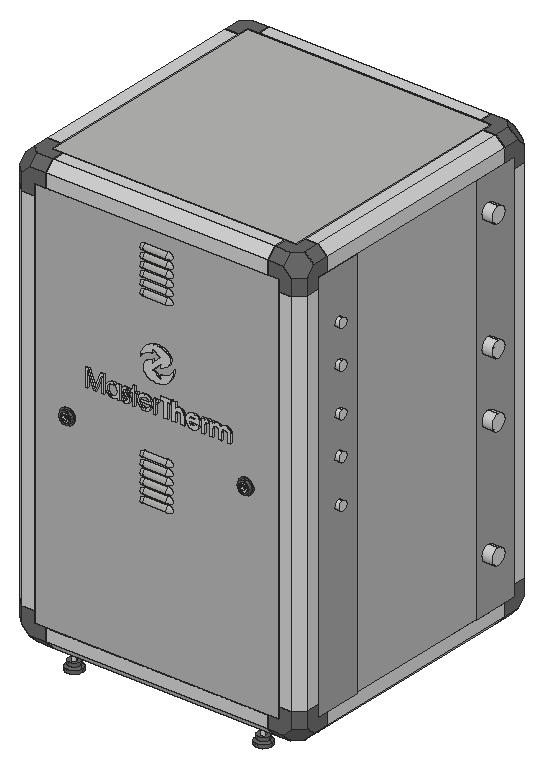
Revit family "AquaMaster-Inverter_ENG-RFA-2022_v2", category Mechanické zařízení, Revit 2022 (continued)
Definition of nested family "MT_pipe connector"
  Forms (mm)
    Extrusion 16, solid, visible <- "MT_desuperheater_YES"
      sketch origin (0, 0, 0) x (1, 0, 0) y (0, 1, 0)
        loop
          circle (318, -85) r 7.5
      from 0 to 10
    Extrusion 17, solid, visible <- "MT_EC-AQ90I_YES"
      sketch origin (-155, 0, 0) x (1, 0, 0) y (0, 1, 0)
        loop
          circle (321, -35) r 7.5
        loop
          circle (321, -85) r 7.5
      from 0 to 10
  Dimensions and locks
    "MT_pipe connector_X2": Extrusion 4 sketch curve to Extrusion 4 sketch curve
    "MT_pipe connector_Y2": Extrusion 4 sketch curve to Extrusion 4 sketch curve
    "MT_CI offset_X2": Extrusion 5 sketch curve to Extrusion 4
    locked: plane 1 "Střed (vpředu/vzadu)" to Extrusion 5 sketch curve at 60
    locked: plane 1 "Střed (vpředu/vzadu)" to Extrusion 6 sketch curve at 60
    "MT_CO offset_X2": Extrusion 6 sketch curve to Extrusion 4
    "MT_pipe connector_X2": Extrusion 7 sketch curve to Extrusion 7 sketch curve
    "MT_pipe connector_Y2": Extrusion 7 sketch curve to Extrusion 7 sketch curve
    locked: plane 1 "Střed (vpředu/vzadu)" to Extrusion 8 sketch curve at 60
    "MT_EO offset_X2": Extrusion 8 sketch curve to Extrusion 4
    locked: plane 1 "Střed (vpředu/vzadu)" to Extrusion 9 sketch curve at 60
    "MT_EI offset_X2": Extrusion 9 sketch curve to Extrusion 4
    "MT_EC1_Y2": plane 1 "Střed (vpředu/vzadu)" to Extrusion 10 sketch curve
    "MT_EC1_X2": Extrusion 10 sketch curve to Extrusion 4
    "MT_EC2_Y2": plane 1 "Střed (vpředu/vzadu)" to Extrusion 11 sketch curve
    "MT_EC2_X2": Extrusion 11 sketch curve to Extrusion 4
    "MT_EC3_X2": Extrusion 12 sketch curve to Extrusion 4
    "MT_EC3_Y2": plane 1 "Střed (vpředu/vzadu)" to Extrusion 12 sketch curve
    "MT_EC4_X2": Extrusion 13 sketch curve to Extrusion 4
    "MT_EC4_Y2": plane 1 "Střed (vpředu/vzadu)" to Extrusion 13 sketch curve
    "MT_EC5_Y2": plane 1 "Střed (vpředu/vzadu)" to Extrusion 14 sketch curve
    "MT_EC5_X2": Extrusion 14 sketch curve to Extrusion 4
    "MT_EC6_Y2": plane 1 "Střed (vpředu/vzadu)" to Extrusion 15 sketch curve
    "MT_EC6_X2": Extrusion 15 sketch curve to Extrusion 4
    locked: Extrusion 7 sketch curve to plane 1 "Střed (vpředu/vzadu)" at 361
    locked: Extrusion 16 sketch curve to plane 1 "Střed (vpředu/vzadu)" at 35
    locked: Extrusion 16 sketch curve to plane 1 "Střed (vpředu/vzadu)" at 85
    "MT_desuperheater offset_X2": Extrusion 16 sketch curve to Extrusion 4  (x2)
    locked: Extrusion 17 sketch curve to Extrusion 4 at 470  (x2)
    "MT_CI diameter": diameter of Extrusion 5 sketch curve
    "MT_CO diameter": diameter of Extrusion 6 sketch curve
    "MT_EO diameter": diameter of Extrusion 8 sketch curve
    "MT_EI diameter": diameter of Extrusion 9 sketch curve
    radius of Extrusion 10 sketch curve = 8.00 mm
    radius of Extrusion 11 sketch curve = 8.00 mm
    radius of Extrusion 12 sketch curve = 8.00 mm
    radius of Extrusion 13 sketch curve = 8.00 mm
    radius of Extrusion 14 sketch curve = 8.00 mm
    radius of Extrusion 15 sketch curve = 8.00 mm
    diameter of Extrusion 16 sketch curve = 15.00 mm  (x2)
    diameter of Extrusion 17 sketch curve = 15.00 mm  (x2)
    aligned and locked: level to plane 2
    aligned and locked: Extrusion 4 sketch curve to plane 1 "Střed (vpředu/vzadu)"
    aligned and locked: Extrusion 4 sketch curve to plane 3 "Střed (vlevo/vpravo)"
    aligned and locked: Extrusion 7 sketch curve to plane 3 "Střed (vlevo/vpravo)"
  Automatic sketch dimensions
    plane 1 "Střed (vpředu/vzadu)" to Extrusion 17 sketch curve = 85.00 mm
    plane 1 "Střed (vpředu/vzadu)" to Extrusion 17 sketch curve = 35.00 mm
Definition of nested family "MT_adj feet"
  Parameters (values of type "MT_adj feet")
    Default Elevation = 0.00 mm
    MT_corner-cap = none
    MT_angle-corner = none
  Reference planes
    plane 1 "Střed (vpředu/vzadu)": y = 0
    plane 2: z = 0
    plane 3 "Střed (vlevo/vpravo)": x = 0
    plane 4: y = 0
  Forms (mm)
    Revolve 1, solid, not visible
      sketch origin (29.178, 0, 1200) x (1, 0, 0) y (0, 0, 1)
        loop
          arc (30.822, -1200) -> (26.978, -1196.222) -> (21.784, -1194.782) r 10.758
          line (21.784, -1194.782) -> (21.784, -1200) -> (30.822, -1200)
        axis (21.784, -1194.782) -> (21.784, -1200)
      angle from 0 to 90
    Extrusion 2, solid, not visible
      sketch origin (0, 0, 0) x (0, 1, 0) y (0, 0, 1)
        loop
          line (0, 5.218) -> (0, 0) -> (9.038, 0)
          arc (9.038, 0) -> (5.194, 3.778) -> (0, 5.218) r 10.758
      from 9.038 to 50.962
    Revolve 3, solid, not visible
      sketch origin (28.882, 0, 1200) x (1, 0, 0) y (0, 0, 1)
        loop
          line (-28.882, -1200) -> (-19.844, -1200) -> (-19.844, -1194.782)
          arc (-19.844, -1194.782) -> (-25.038, -1196.222) -> (-28.882, -1200) r 10.758
        axis (-19.844, -1194.782) -> (-19.844, -1200)
      angle from 0 to 90
    Extrusion 4, solid, material <- "MT_corner-cap"
      sketch origin (0, 0, 0) x (1, 0, 0) y (0, 1, 0)
        loop
          circle (0, 0) r 15
      from 0 to 5
    Blend 5, solid, material <- "MT_corner-cap"
      base sketch origin (0, 0, 5) x (1, 0, 0) y (0, 1, 0)
        loop
          circle (0, 0) r 15
      top sketch origin (0, 0, 5) x (1, 0, 0) y (0, 1, 0)
        loop
          circle (0, 0) r 10
      from 0 to 5
    Extrusion 6, solid, material <- "MT_corner-cap"
      sketch origin (0, 0, 10) x (1, 0, 0) y (0, 1, 0)
        loop
          circle (0, 0) r 11
      from 0 to 5
    Extrusion 7, solid, material <- "MT_angle-corner"
      sketch origin (0, 0, 15) x (1, 0, 0) y (0, 1, 0)
        loop
          circle (0, 0) r 4
      from 0 to 15
  Dimensions and locks
    aligned and locked: level to plane 2
Types (8, lengths in mm): name | Model | MT_voltage (V) | MT_max. current, incl. aux. heater (A) | MT_hmotnost (kg) | MT_clearance top | MT_clearance right | MT_clearance left | MT_upper vent grille offset_H | MT_vent grille_YES | MT_upper vent grille offset_V | MT_power switch_YES | MT_pipe connector_X | MT_pipe connector offset | MT_pipe connector_Y | MT_pipe connector angle | MT_pivot offset | MT_lower vent grille_YES | MT_lock offset_V | MT_desuperheater_YES | MT_desuperheater offset_X | MT_desuperheater diameter | MT_cover top_Y | MT_cover top_X | MT_cover side_Y | MT_cover side_X | MT_cover front_Y | MT_cover front_X | MT_upper center lock_YES | MT_case width | MT_case height | MT_case depth | MT_angle length_Z | MT_angle length_Y | MT_angle length_X | MT_TYPE | MT_EO offset_X | MT_EO diameter | MT_EI offset_X | MT_EI diameter | MT_EC6 offset_Y | MT_EC6 offset_X | MT_EC6_YES | MT_EC5 offset_Y | MT_EC5 offset_X | MT_EC4 offset_Y | MT_EC4 offset_X | MT_EC3 offset_Y | MT_EC3 offset_X | MT_EC2 offset_Y | MT_EC2 offset_X | MT_EC1 offset_Y | MT_EC1 offset_X | MT_EC-AQ90I_YES | MT_EC AQ17I_YES | MT_CO offset_X | MT_CO diameter | MT_CI offset_X | MT_CI diameter | Komentáře k typům | El. connection | EO_brine – outlet | EI_brine – inlet | Desuperheater – inlet/outlet | CO_hot water – outlet | CI_hot water – inlet
  AQ45I | "AquaMaster Inverter 45I" | 400 V | 28 A | 170 | 1800.00 | 400.00 | 400.00 | 175.00 | yes | 200.00 | yes | 446.00 | 486.00 | 120.00 | 0.00° | 0.00 | no | 300.00 | no | 223.00 | 0.00 | 636.00 | 446.00 | 1120.00 | 636.00 | 1120.00 | 446.00 | yes | 526.00 | 1200.00 | 716.00 | 1080.00 | 596.00 | 406.00 | 45 | 273.00 | 35.00 | 373.00 | 35.00 | 30.00 | 421.00 | yes | 60.00 | 421.00 | 90.00 | 421.00 | 30.00 | 25.00 | 60.00 | 25.00 | 90.00 | 25.00 | no | no | 173.00 | 28.00 | 73.00 | 28.00 | "COMPRESSOR: BLDC Inverter; 30 – 90 rps; charge of POE oil – 1.3 l; max. op. current – 15 A; EVAPORATOR: PHE; AISI316; water flow (W/W) – 1.62 kg/s; min. flow – 1.48 kg/s; brine flow (B/W) – 0.89 kg/s; min. flow – 0.54 kg/s; temp. difference – 3 K; int. volume – 5.1 l; pump ext. head – 3.5 m; pump motor – 250 W; CONDENSER: PHE; AISI316; water flow – 0.62 kg/s; min. flow – 0.46 kg/s; temp. difference – 5 K; int. volume – 4.1 l; pump ext. head – 3.0 m; pump motor – 100 W; REFRIGERANT CIRCUIT: R410a (2.4 kg); AUX. HEATER (optional): 7.5 kW; CONTROLS: controller – pCO5; EEV – yes; water probe – yes; SHW probe/output – yes (2x); mixing probe/output – yes; outdoor probe – yes; dynamic set point – yes; refrigerant probe – 2xPT; POWER SUPPLY: 3x400 V; 50 Hz; max. current – 20 A; max. current, incl. aux. heater – 28 A; DIMENSIONS: hot water, brine – 1\", 5/4\" (OD); 120x56x72 cm; 170 kg; LIMITS: max. water overpress. – 0.25 MPa; max. refr. overpress. – 4.2 MPa; brine min./max.: -5/+20 °C; water min./max.: 20/60 °C" | "2xPG16; 4xPG13.5" | "5/4'' (OD)" | "5/4'' (OD)" | "not available" | "1'' (OD)" | "1'' (OD)"
  AQ60I | "AquaMaster Inverter 60I" | 400 V | 35 A | 190 | 1800.00 | 400.00 | 400.00 | 175.00 | yes | 200.00 | yes | 446.00 | 486.00 | 120.00 | 0.00° | 0.00 | no | 300.00 | no | 223.00 | 0.00 | 636.00 | 446.00 | 1120.00 | 636.00 | 1120.00 | 446.00 | yes | 526.00 | 1200.00 | 716.00 | 1080.00 | 596.00 | 406.00 | 60 | 273.00 | 35.00 | 373.00 | 35.00 | 30.00 | 421.00 | yes | 60.00 | 421.00 | 90.00 | 421.00 | 30.00 | 25.00 | 60.00 | 25.00 | 90.00 | 25.00 | no | no | 173.00 | 28.00 | 73.00 | 28.00 | "COMPRESSOR: BLDC Inverter Scroll; 30 – 100 rps; charge of POE oil – 1.4 l; max. op. current – 35 A; EVAPORATOR: PHE; AISI316; water flow (W/W) – 2.37 kg/s; min. flow – 2.09 kg/s; brine flow (B/W) – 1.31 kg/s; min. flow – 0.79 kg/s; temp. difference – 3 K; int. volume – 5.1 l; pump ext. head – 5.0 m; pump motor – 450 W; CONDENSER: PHE; AISI316; water flow – 0.92 kg/s; min. flow – 0.69 kg/s; temp. difference – 5 K; int. volume – 4.1 l; pump ext. head – 3.0 m; pump motor – 130 W; REFRIGERANT CIRCUIT: R410a (2.5 kg); AUX. HEATER (optional): 7.5 kW; CONTROLS: controller – pCO5; EEV – 1+1 (EVI); water probe – yes; SHW probe/output – yes (2x); mixing probe/output – yes; outdoor probe – yes; dynamic set point – yes; refrigerant probe – 2xPT; POWER SUPPLY: 3x400 V; 50 Hz; max. current – 25 A; max. current, incl. aux. heater – 35 A; DIMENSIONS: hot water, brine – 1\", 5/4\" (OD); 120x56x72 cm; 190 kg; LIMITS: max. water overpress. – 0.25 MPa; max. refr. overpress. – 4.2 MPa; brine min./max.: -5/+20 °C; water min./max.: 20/60 °C" | "2xPG16; 4xPG13.5" | "5/4'' (OD)" | "5/4'' (OD)" | "not available" | "1'' (OD)" | "1'' (OD)"
  AQ90I | "AquaMaster Inverter 90I" | 400 V | 50 A | 210 | 1800.00 | 400.00 | 400.00 | 175.00 | no | 200.00 | yes | 636.00 | 676.00 | 120.00 | 0.00° | 0.00 | no | 300.00 | yes | 318.00 | 15.00 | 636.00 | 636.00 | 1120.00 | 636.00 | 1120.00 | 636.00 | yes | 716.00 | 1200.00 | 716.00 | 1080.00 | 596.00 | 596.00 | 90 | 393.00 | 35.00 | 543.00 | 35.00 | 30.00 | 608.00 | yes | 60.00 | 608.00 | 90.00 | 608.00 | 30.00 | 25.00 | 60.00 | 25.00 | 90.00 | 25.00 | yes | no | 243.00 | 35.00 | 93.00 | 35.00 | "COMPRESSOR: BLDC Inverter Scroll; 30 – 150 rps; charge of POE oil – 1.4 l; max. op. current – 35 A; EVAPORATOR: PHE; AISI316; water flow (W/W) – 3.64 kg/s; min. flow – 3.15 kg/s; brine flow (B/W) – 2.09 kg/s; min. flow – 1.26 kg/s; temp. difference – 3 K; int. volume – 5.1 l; pump ext. head – 5.0 m; pump motor – 310 W; CONDENSER: PHE; AISI316; water flow – 1.50 kg/s; min. flow – 1.12 kg/s; temp. difference – 5 K; int. volume – 4.1 l; pump ext. head – 8.0 m; pump motor – 310 W; REFRIGERANT CIRCUIT: R410a (4.0 kg); AUX. HEATER (optional): 7.5 kW; CONTROLS: controller – pCO5; EEV – 1+1 (EVI); water probe – yes; SHW probe/output – yes (2x); mixing probe/output – yes; outdoor probe – yes; dynamic set point – yes; refrigerant probe – 2xPT; POWER SUPPLY: 3x400 V; 50 Hz; max. current – 40 A; max. current, incl. aux. heater – 50 A; DIMENSIONS: hot water, brine – 5/4\", 5/4\" (OD); 120x72x72 cm; 210 kg; LIMITS: max. water overpress. – 0.25 MPa; max. refr. overpress. – 4.2 MPa; brine min./max.: -5/+20 °C; water min./max.: 20/60 °C" | "2xPG21; 2xPG16; 4xPG13.5" | "5/4'' (OD)" | "5/4'' (OD)" | "2xCu Ø15 mm (ID)" | "5/4'' (OD)" | "5/4'' (OD)"
  AQ17I | "AquaMaster Inverter 17I" | 230 V | 16 A | 60 | 1400.00 | 600.00 | 200.00 | 293.00 | yes | 150.00 | no | 720.00 | 760.00 | 85.00 | 90.00° | 526.00 | yes | 400.00 | no | 360.00 | 0.00 | 446.00 | 446.00 | 720.00 | 446.00 | 720.00 | 446.00 | no | 526.00 | 800.00 | 526.00 | 680.00 | 406.00 | 406.00 | 17 | 100.00 | 28.00 | 320.00 | 28.00 | 403.00 | 421.00 | no | 403.00 | 630.00 | 403.00 | 560.00 | 403.00 | 480.00 | 403.00 | 410.00 | 403.00 | 330.00 | no | yes | 660.00 | 28.00 | 440.00 | 28.00 | "COMPRESSOR: BLDC Inverter; 15 – 65 rps; charge of POE oil – 0.9 l; max. op. current – 16 A; EVAPORATOR: PHE; AISI316; water flow (W/W) – 0.38 kg/s; min. flow – 0.28 kg/s; brine flow (B/W) – 0.19 kg/s; min. flow – 0.11 kg/s; temp. difference – 3 K; int. volume – 2.0 l; pump ext. head – 7.0 m; pump motor – 70 W; CONDENSER: PHE; AISI316; water flow – 0.14 kg/s; min. flow – 0.09 kg/s; temp. difference – 5 K; int. volume – 4.1 l; pump ext. head – 7.0 m; pump motor – 70 W; REFRIGERANT CIRCUIT: R410a (0.75 kg); AUX. HEATER (optional): not available; CONTROLS: controller – uPC; EEV – yes; water probe – yes; SHW probe/output – no; mixing probe/output – yes; outdoor probe – yes; dynamic set point – yes; refrigerant probe – 2xPT; POWER SUPPLY: 1x230 V; 50 Hz; max. current – 16 A; max. current, incl. aux. heater – – A; DIMENSIONS: hot water, brine – 1\", 1\" (OD); 82x53x53 cm; 60 kg; LIMITS: max. water overpress. – 0.25 MPa; max. refr. overpress. – 4.2 MPa; brine min./max.: -5/+20 °C; water min./max.: 20/60 °C" | "2xPG16; 4xPG13.5" | "1'' (OD)" | "1'' (OD)" | "not available" | "1'' (OD)" | "1'' (OD)"
  AQ22I | "AquaMaster Inverter 22I" | 230 V | 16 A | 160 | 1800.00 | 400.00 | 400.00 | 175.00 | yes | 200.00 | yes | 446.00 | 486.00 | 120.00 | 0.00° | 0.00 | no | 300.00 | no | 223.00 | 0.00 | 636.00 | 446.00 | 1120.00 | 636.00 | 1120.00 | 446.00 | yes | 526.00 | 1200.00 | 716.00 | 1080.00 | 596.00 | 406.00 | 22 | 273.00 | 28.00 | 373.00 | 28.00 | 30.00 | 421.00 | yes | 60.00 | 421.00 | 90.00 | 421.00 | 30.00 | 25.00 | 60.00 | 25.00 | 90.00 | 25.00 | no | no | 173.00 | 28.00 | 73.00 | 28.00 | "COMPRESSOR: BLDC Inverter; 30 – 100 rps; charge of POE oil – 1.3 l; max. op. current – 16 A; EVAPORATOR: PHE; AISI316; water flow (W/W) – 0.50 kg/s; min. flow – 0.44 kg/s; brine flow (B/W) – 0.28 kg/s; min. flow – 0.17 kg/s; temp. difference – 3 K; int. volume – 5.1 l; pump ext. head – 3.0 m; pump motor – 100 W; CONDENSER: PHE; AISI316; water flow – 0.20 kg/s; min. flow – 0.15 kg/s; temp. difference – 5 K; int. volume – 4.1 l; pump ext. head – 3.0 m; pump motor – 100 W; REFRIGERANT CIRCUIT: R410a (1.5 kg); AUX. HEATER (optional): 3 – 4 kW (4.5 – 6 kW bez kompresoru); CONTROLS: controller – pCO5; EEV – yes; water probe – yes; SHW probe/output – yes (2x); mixing probe/output – yes; outdoor probe – yes; dynamic set point – yes; refrigerant probe – 2xPT; POWER SUPPLY: 1x230 (3x400) V; 50 Hz; max. current – 16/0/0 A; max. current, incl. aux. heater – 16/10/10 A; DIMENSIONS: hot water, brine – 1\", 1\" (OD); 120x56x72 cm; 160 kg; LIMITS: max. water overpress. – 0.25 MPa; max. refr. overpress. – 4.2 MPa; brine min./max.: -5/+20 °C; water min./max.: 20/60 °C" | "2xPG16; 4xPG13.5" | "1'' (OD)" | "1'' (OD)" | "not available" | "1'' (OD)" | "1'' (OD)"
  AQ26I | "AquaMaster Inverter 26I" | 230 V | 20 A | 160 | 1800.00 | 400.00 | 400.00 | 175.00 | yes | 200.00 | yes | 446.00 | 486.00 | 120.00 | 0.00° | 0.00 | no | 300.00 | no | 223.00 | 0.00 | 636.00 | 446.00 | 1120.00 | 636.00 | 1120.00 | 446.00 | yes | 526.00 | 1200.00 | 716.00 | 1080.00 | 596.00 | 406.00 | 26 | 273.00 | 28.00 | 373.00 | 28.00 | 30.00 | 421.00 | yes | 60.00 | 421.00 | 90.00 | 421.00 | 30.00 | 25.00 | 60.00 | 25.00 | 90.00 | 25.00 | no | no | 173.00 | 28.00 | 73.00 | 28.00 | "COMPRESSOR: BLDC Inverter; 20 – 75 rps; charge of POE oil – 0.9 l; max. op. current – 20 A; EVAPORATOR: PHE; AISI316; water flow (W/W) – 1.03 kg/s; min. flow – 0.77 kg/s; brine flow (B/W) – 0.48 kg/s; min. flow – 0.29 kg/s; temp. difference – 3 K; int. volume – 5.1 l; pump ext. head – 4.0 m; pump motor – 70 W; CONDENSER: PHE; AISI316; water flow – 0.36 kg/s; min. flow – 0.25 kg/s; temp. difference – 5 K; int. volume – 4.1 l; pump ext. head – 6.0 m; pump motor – 70 W; REFRIGERANT CIRCUIT: R410a (1.3 kg); AUX. HEATER (optional): 3 – 4 kW (4.5 – 6 kW bez kompresoru); CONTROLS: controller – pCO5; EEV – yes; water probe – yes; SHW probe/output – yes (2x); mixing probe/output – yes; outdoor probe – yes; dynamic set point – yes; refrigerant probe – 2xPT; POWER SUPPLY: 1x230 (3x400) V; 50 Hz; max. current – 20/0/0 A; max. current, incl. aux. heater – 20/10/10 A; DIMENSIONS: hot water, brine – 1\", 1\" (OD); 120x56x72 cm; 160 kg; LIMITS: max. water overpress. – 0.25 MPa; max. refr. overpress. – 4.2 MPa; brine min./max.: -5/+20 °C; water min./max.: 20/60 °C" | "2xPG16; 4xPG13.5" | "1'' (OD)" | "1'' (OD)" | "not available" | "1'' (OD)" | "1'' (OD)"
  AQ30I | "AquaMaster Inverter 30I" | 230 V | 25 A | 160 | 1800.00 | 400.00 | 400.00 | 175.00 | yes | 200.00 | yes | 446.00 | 486.00 | 120.00 | 0.00° | 0.00 | no | 300.00 | no | 223.00 | 0.00 | 636.00 | 446.00 | 1120.00 | 636.00 | 1120.00 | 446.00 | yes | 526.00 | 1200.00 | 716.00 | 1080.00 | 596.00 | 406.00 | 30 | 273.00 | 28.00 | 373.00 | 28.00 | 30.00 | 421.00 | yes | 60.00 | 421.00 | 90.00 | 421.00 | 30.00 | 25.00 | 60.00 | 25.00 | 90.00 | 25.00 | no | no | 173.00 | 28.00 | 73.00 | 28.00 | "COMPRESSOR: BLDC Inverter; 30 – 90 rps; charge of POE oil – 0.75 l; max. op. current – 25 A; EVAPORATOR: PHE; AISI316; water flow (W/W) – 0.89 kg/s; min. flow – 0.79 kg/s; brine flow (B/W) – 0.50 kg/s; min. flow – 0.30 kg/s; temp. difference – 3 K; int. volume – 5.1 l; pump ext. head – 3.5 m; pump motor – 250 W; CONDENSER: PHE; AISI316; water flow – 0.34 kg/s; min. flow – 0.26 kg/s; temp. difference – 5 K; int. volume – 4.1 l; pump ext. head – 3.0 m; pump motor – 100 W; REFRIGERANT CIRCUIT: R410a (1.7 kg); AUX. HEATER (optional): 6 kW; CONTROLS: controller – pCO5; EEV – yes; water probe – yes; SHW probe/output – yes (2x); mixing probe/output – yes; outdoor probe – yes; dynamic set point – yes; refrigerant probe – 2xPT; POWER SUPPLY: 1x230 V; 50 Hz; max. current – 25 A; max. current, incl. aux. heater – 25 A; DIMENSIONS: hot water, brine – 1\", 1\" (OD); 120x56x72 cm; 160 kg; LIMITS: max. water overpress. – 0.25 MPa; max. refr. overpress. – 4.2 MPa; brine min./max.: -5/+20 °C; water min./max.: 20/60 °C" | "2xPG16; 4xPG13.5" | "1'' (OD)" | "1'' (OD)" | "not available" | "1'' (OD)" | "1'' (OD)"
  AQ37I | "AquaMaster Inverter 37I" | 400 V | 22 A | 165 | 1800.00 | 400.00 | 400.00 | 175.00 | yes | 200.00 | yes | 446.00 | 486.00 | 120.00 | 0.00° | 0.00 | no | 300.00 | no | 223.00 | 0.00 | 636.00 | 446.00 | 1120.00 | 636.00 | 1120.00 | 446.00 | yes | 526.00 | 1200.00 | 716.00 | 1080.00 | 596.00 | 406.00 | 37 | 273.00 | 28.00 | 373.00 | 28.00 | 30.00 | 421.00 | yes | 60.00 | 421.00 | 90.00 | 421.00 | 30.00 | 25.00 | 60.00 | 25.00 | 90.00 | 25.00 | no | no | 173.00 | 28.00 | 73.00 | 28.00 | "COMPRESSOR: BLDC Inverter; 20 – 100 rps; charge of POE oil – 0.95 l; max. op. current – 16 A; EVAPORATOR: PHE; AISI316; water flow (W/W) – 1.44 kg/s; min. flow – 1.08 kg/s; brine flow (B/W) – 0.67 kg/s; min. flow – 0.40 kg/s; temp. difference – 3 K; int. volume – 5.1 l; pump ext. head – 5.0 m; pump motor – 130 W; CONDENSER: PHE; AISI316; water flow – 0.46 kg/s; min. flow – 0.35 kg/s; temp. difference – 5 K; int. volume – 4.1 l; pump ext. head – 5.0 m; pump motor – 70 W; REFRIGERANT CIRCUIT: R410a (1.7 kg); AUX. HEATER (optional): 7.5 kW; CONTROLS: controller – pCO5; EEV – yes; water probe – yes; SHW probe/output – yes (2x); mixing probe/output – yes; outdoor probe – yes; dynamic set point – yes; refrigerant probe – 2xPT; POWER SUPPLY: 3x400 V; 50 Hz; max. current – 17 A; max. current, incl. aux. heater – 22 A; DIMENSIONS: hot water, brine – 1\", 1\" (OD); 120x56x72 cm; 165 kg; LIMITS: max. water overpress. – 0.25 MPa; max. refr. overpress. – 4.2 MPa; brine min./max.: -5/+20 °C; water min./max.: 20/60 °C" | "2xPG16; 4xPG13.5" | "1'' (OD)" | "1'' (OD)" | "not available" | "1'' (OD)" | "1'' (OD)"
